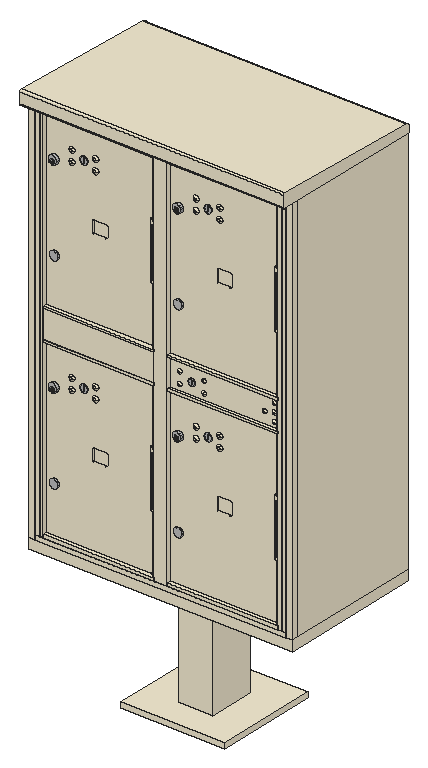
Revit family "Mailboxes_Outdoor_Parcel_Locker-Salsbury_Industries-Type_I_II", category Specialty Equipment, Revit 2016 (continued)
Definition of nested family "3300 Series CBU Mail Access Door"
  Forms (in)
    Blend 4, solid, material <- "Front Panel Material", detail levels medium+fine
      base sketch origin (0, -0.0855, 2.68123) x (-1, 0, 0) y (0, 0, 1)
        loop
          circle (5.2675, -0.70223) r 0.1
      top sketch origin (0, -0.0855, 2.68123) x (-1, 0, 0) y (0, 0, 1)
        loop
          circle (5.2675, -0.70223) r 0.227
      from -0.11328 to 0
    Blend 5, solid, material <- "Front Panel Material", detail levels medium+fine
      base sketch origin (1.3125, -0.0855, 2.68123) x (-1, 0, 0) y (0, 0, 1)
        loop
          circle (3.768, -0.70223) r 0.1
      top sketch origin (1.3125, -0.0855, 2.68123) x (-1, 0, 0) y (0, 0, 1)
        loop
          circle (3.768, -0.70223) r 0.227
      from -0.11328 to 0
    Blend 6, solid, material <- "Front Panel Material", detail levels medium+fine
      base sketch origin (0, -0.0855, 1.36923) x (-1, 0, 0) y (0, 0, 1)
        loop
          circle (5.2675, -0.70223) r 0.1
      top sketch origin (0, -0.0855, 1.36923) x (-1, 0, 0) y (0, 0, 1)
        loop
          circle (5.2675, -0.70223) r 0.227
      from -0.11328 to 0
    Blend 7, solid, material <- "Front Panel Material", detail levels medium+fine
      base sketch origin (1.3125, -0.0855, 1.36923) x (-1, 0, 0) y (0, 0, 1)
        loop
          circle (3.768, -0.70223) r 0.1
      top sketch origin (1.3125, -0.0855, 1.36923) x (-1, 0, 0) y (0, 0, 1)
        loop
          circle (3.768, -0.70223) r 0.227
      from -0.11328 to 0
    Blend 8, solid, material <- "Front Panel Material", detail levels medium+fine
      base sketch origin (0, -0.0855, 0) x (-1, 0, 0) y (0, 0, 1)
        loop
          circle (-5.672, 0.575) r 0.1
      top sketch origin (0, -0.0855, 0) x (-1, 0, 0) y (0, 0, 1)
        loop
          circle (-5.672, 0.575) r 0.227
      from -0.11328 to 0
    Blend 9, solid, material <- "Front Panel Material", detail levels medium+fine
      base sketch origin (0, -0.0855, 0) x (-1, 0, 0) y (0, 0, 1)
        loop
          circle (-5.6715, 1.575) r 0.1
      top sketch origin (0, -0.0855, 0) x (-1, 0, 0) y (0, 0, 1)
        loop
          circle (-5.6715, 1.575) r 0.227
      from -0.11328 to 0
    Blend 10, solid, material <- "Front Panel Material", detail levels medium+fine
      base sketch origin (0, -0.0855, 0) x (-1, 0, 0) y (0, 0, 1)
        loop
          circle (-5.6715, 2.575) r 0.1
      top sketch origin (0, -0.0855, 0) x (-1, 0, 0) y (0, 0, 1)
        loop
          circle (-5.6715, 2.575) r 0.227
      from -0.11328 to 0
    Blend 11, solid, material <- "Front Panel Material", detail levels medium+fine
      base sketch origin (0, -0.0855, 0) x (-1, 0, 0) y (0, 0, 1)
        loop
          circle (-4.54354, 1.323) r 0.1
      top sketch origin (0, -0.0855, 0) x (-1, 0, 0) y (0, 0, 1)
        loop
          circle (-4.54354, 1.323) r 0.227
      from -0.11328 to 0
    Extrusion 12, void
      sketch origin (0, 0.0855, 3.58463) x (-1, 0, 0) y (0, 0, 1)
        loop
          line (3.9218, -2.0248) -> (3.8632, -2.0248) -> (3.8632, -2.50882) -> (3.9218, -2.50882) -> (3.9218, -2.0248)
      from -0.0855 to -0.1902
  Cuts and joins
    Extrusion 2 cuts Extrusion 1
    Extrusion 12 cuts Extrusion 3
  Lines and regions (in)
    symbolic lines
      curve 1: line (-6.4425, -0.0855, 0) -> (-6.4425, -0.0855, 3.251)
      curve 2: line (6.4425, -0.0855, 0) -> (-6.4425, -0.0855, 0)
      curve 3: line (6.4425, -0.0855, 3.251) -> (6.4425, -0.0855, 0)
      curve 4: line (-6.4425, -0.0855, 3.251) -> (6.4425, -0.0855, 3.251)
      curve 5: circle (-3.8925, -0.0855, 1.323) r 0.3879 normal (0, 1, 0)
      curve 6: circle (-5.2675, -0.0855, 1.979) r 0.227 normal (0, 1, 0)
      curve 7: circle (-5.2675, -0.0855, 0.667) r 0.227 normal (0, 1, 0)
      curve 8: circle (-2.4555, -0.0855, 0.667) r 0.227 normal (0, 1, 0)
      curve 9: circle (-2.4555, -0.0855, 1.979) r 0.227 normal (0, 1, 0)
  Dimensions and locks (in)
    equal spacing: plane 6 "Back Face of Door", plane 1 "Center (Front/Back)", plane 7 "Front Face of Door"
    "Door Depth": plane 6 "Back Face of Door" to plane 7 "Front Face of Door"
    equal spacing: plane 4 "Left Side Face of Door", plane 3 "Center (Left/Right)", plane 5 "Right Side Face of Door"
    "Door Width": plane 4 "Left Side Face of Door" to plane 5 "Right Side Face of Door"
    plane 8 to level = 3.250"
    equal spacing: plane 8, plane 9 "Center", level
    plane 7 "Front Face of Door" to plane 10 "Face of Mail Drop" = 0.255"
    "Center Lock-Vertical": plane 4 "Left Side Face of Door" to plane 11 "Center Lock Vertical"
    "Center Lock-Horizontal": plane 8 to plane 12 "Center Lock Horizontal"
    plane 4 "Left Side Face of Door" to plane 16 "Left Stud Align" to plane 17 "Right Stud Align" = 1.175", 2.812"
    locked: plane 4 "Left Side Face of Door" to plane 20 "Left Edge of Mail Slot" at 0.584
    locked: plane 21 "Right Edge of Mail Slot" to plane 5 "Right Side Face of Door" at 0.584
    plane 4 "Left Side Face of Door" to plane 5 "Right Side Face of Door" = 12.885"
    plane 27 to plane 23 "Hing Alignment" to plane 5 "Right Side Face of Door" = 1.147", 0.771"
    plane 28 to plane 12 "Center Lock Horizontal" to plane 29 = 0.23683" locked, 0.24719" locked
    plane 18 "Top Stud Align" to plane 12 "Center Lock Horizontal" to plane 19 "Bottom Stud Align" = 0.656" locked, 0.656" locked
    plane 30 to plane 12 "Center Lock Horizontal" to plane 31 = 0.22676", 0.22705"
    locked: plane 25 "Hinge Stud 3" to plane 12 "Center Lock Horizontal" at 0.252
    equal spacing: plane 26 "Hinge Stud 4", plane 25 "Hinge Stud 3", plane 24 "Hinge Stud 1"
    "Top Stud Alignment": plane 26 "Hinge Stud 4" to plane 24 "Hinge Stud 1"
    aligned and locked: level to plane 2 "Bottom of Door"
    aligned and locked: plane 4 "Left Side Face of Door" to Extrusion 1
    aligned and locked: plane 6 "Back Face of Door" to Extrusion 1
    aligned and locked: plane 7 "Front Face of Door" to Extrusion 1
    aligned and locked: Extrusion 1 to level
    aligned and locked: plane 8 to Extrusion 1
    aligned and locked: plane 29 to cut or joined group of Extrusion 3, Extrusion 12
    aligned and locked: plane 28 to cut or joined group of Extrusion 3, Extrusion 12
    aligned and locked: plane 26 "Hinge Stud 4" to Blend 10
    aligned and locked: plane 25 "Hinge Stud 3" to Blend 9
    aligned and locked: plane 24 "Hinge Stud 1" to Blend 8
    aligned and locked: plane 12 "Center Lock Horizontal" to Blend 11
    aligned and locked: curve 2 to cut or joined group of Extrusion 1, Extrusion 2
    aligned and locked: curve 3 to cut or joined group of Extrusion 1, Extrusion 2
  Automatic sketch dimensions
    plane 11 "Center Lock Vertical" to Extrusion 2 sketch curve = 0.000"
    Extrusion 2 sketch curve to plane 12 "Center Lock Horizontal" = 0.000"
    plane 11 "Center Lock Vertical" to Extrusion 3 sketch curve = 0.000"
    plane 12 "Center Lock Horizontal" to Extrusion 3 sketch curve = 0.00141"
    plane 16 "Left Stud Align" to Blend 4 sketch curve = 0.000"  (x2)
    Blend 4 sketch curve to plane 18 "Top Stud Align" = 0.000"  (x2)
    plane 17 "Right Stud Align" to Blend 5 sketch curve = 0.000"  (x2)
    Blend 5 sketch curve to plane 18 "Top Stud Align" = 0.000"  (x2)
    plane 16 "Left Stud Align" to Blend 6 sketch curve = 0.000"  (x2)
    Blend 6 sketch curve to plane 19 "Bottom Stud Align" = 0.000"  (x2)
    plane 17 "Right Stud Align" to Blend 7 sketch curve = 0.000"  (x2)
    Blend 7 sketch curve to plane 19 "Bottom Stud Align" = 0.000"  (x2)
    Extrusion 1 sketch curve to plane 4 "Left Side Face of Door" = 0.000"
    Extrusion 1 sketch curve to plane 7 "Front Face of Door" = 0.000"
    Extrusion 1 sketch curve to plane 5 "Right Side Face of Door" = 0.000"
    Extrusion 1 sketch curve to plane 6 "Back Face of Door" = 0.000"
    plane 21 "Right Edge of Mail Slot" to Extrusion 1 sketch curve = 0.0127"
    Extrusion 1 sketch curve to plane 7 "Front Face of Door" = 0.02616"
    plane 5 "Right Side Face of Door" to Extrusion 1 sketch curve = 0.195"
    Extrusion 1 sketch curve to Extrusion 1 sketch curve = 0.03575"
    plane 1 "Center (Front/Back)" to Extrusion 1 sketch curve = 0.172"
    Extrusion 1 sketch curve to Extrusion 1 sketch curve = 0.24047"
    plane 25 "Hinge Stud 3" to Extrusion 12 sketch curve = 0.01517"
    Extrusion 12 sketch curve to plane 11 "Center Lock Vertical" = 0.0293"
    Extrusion 12 sketch curve to Extrusion 12 sketch curve = 0.05859"
    Extrusion 12 sketch curve to plane 12 "Center Lock Horizontal" = 0.24719"
    Blend 11 sketch curve to plane 12 "Center Lock Horizontal" = 0.000"  (x2)
    Blend 11 sketch curve to plane 27 = 0.01904"  (x2)
    plane 23 "Hing Alignment" to Blend 9 sketch curve = 0.000"  (x2)
    Blend 9 sketch curve to plane 25 "Hinge Stud 3" = 0.000"  (x2)
    plane 23 "Hing Alignment" to Blend 10 sketch curve = 0.000"  (x2)
    Blend 10 sketch curve to plane 26 "Hinge Stud 4" = 0.000"  (x2)
    Blend 8 sketch curve to plane 24 "Hinge Stud 1" = 0.000"  (x2)
    Blend 8 sketch curve to plane 23 "Hing Alignment" = 0.0005"  (x2)
    plane 17 "Right Stud Align" to curve 8 = 0.000"
    plane 17 "Right Stud Align" to curve 9 = 0.000"
    plane 11 "Center Lock Vertical" to curve 5 = 0.000"
    plane 16 "Left Stud Align" to curve 7 = 0.000"
    plane 16 "Left Stud Align" to curve 6 = 0.000"
    plane 4 "Left Side Face of Door" to curve 4 = 0.000"
    curve 7 to plane 19 "Bottom Stud Align" = 0.000"
    curve 8 to plane 19 "Bottom Stud Align" = 0.000"
    curve 5 to plane 12 "Center Lock Horizontal" = 0.000"
    curve 6 to plane 18 "Top Stud Align" = 0.000"
    curve 9 to plane 18 "Top Stud Align" = 0.000"
    curve 3 to plane 14 "Divider Height Align" = 0.000"
    radius of Extrusion 2 sketch curve = 0.407"
    radius of Extrusion 3 sketch curve = 0.387"
    radius of Blend 4 sketch curve = 0.100"
    radius of Blend 4 sketch curve = 0.227"
    radius of Blend 5 sketch curve = 0.100"
    radius of Blend 5 sketch curve = 0.227"
    radius of Blend 6 sketch curve = 0.100"
    radius of Blend 6 sketch curve = 0.227"
    radius of Blend 7 sketch curve = 0.100"
    radius of Blend 7 sketch curve = 0.227"
    radius of Blend 11 sketch curve = 0.100"
    radius of Blend 11 sketch curve = 0.227"
    radius of Blend 9 sketch curve = 0.100"
    radius of Blend 9 sketch curve = 0.227"
    radius of Blend 10 sketch curve = 0.100"
    radius of Blend 10 sketch curve = 0.227"
    radius of Blend 8 sketch curve = 0.100"
    radius of Blend 8 sketch curve = 0.227"
    radius of curve 5 = 0.3879"
    radius of curve 6 = 0.227"
    radius of curve 7 = 0.227"
    radius of curve 8 = 0.227"
    radius of curve 9 = 0.227"
Types (2): name | Width | Visible Dividers | Model | Door Slot R2 Number | Door Slot R1 Number | Door Slot L2 | Door Slot L1 | Door Slot L2 Number | Door Slot L1 Number | Description | Center Gap Offset
  3304 | 30.510" | yes | "3304" | "4P" | "3P" | 3300 Series OPL Parcel Configurations : OPL Parcel Door | 3300 Series OPL Parcel Configurations : OPL Parcel Door | "2P" | "1P" | "4 Parcel Lockers - Type II - USPS Access" | 12.885"
  3302 | 16.155" | no | "3302" | "2P" | "1P" | 3300 Series OPL Parcel Configurations : Empty | 3300 Series OPL Parcel Configurations : Empty | "0" | "0" | "2 Parcel Lockers - Type I - USPS Access" | 12.879"
